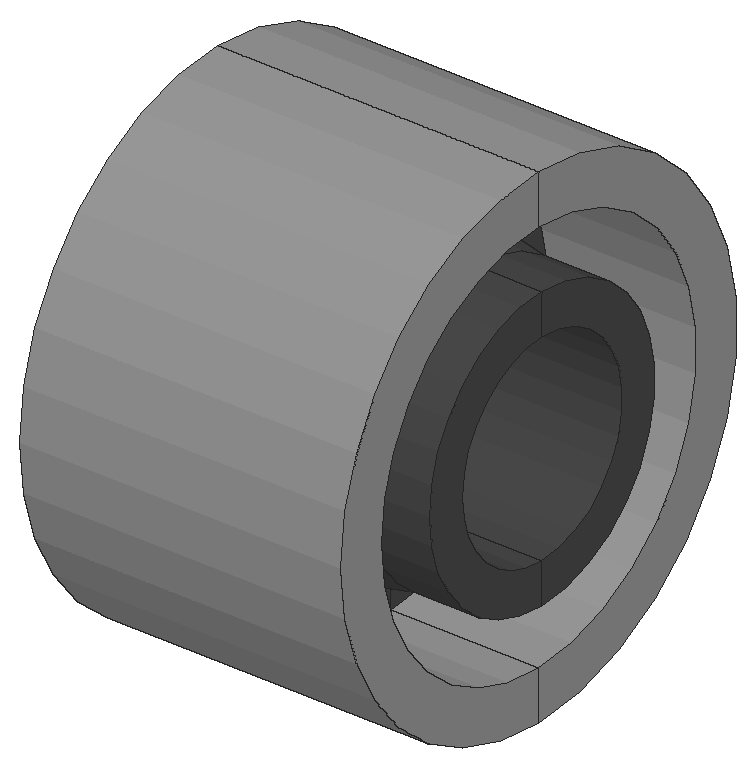
Revit family "6276_Klemmset G3_4 (weichdichtend)", category Rohrformteile, Revit 2021
Family settings
  Bemaßung runder Anschluss = Durchmesser verwenden
  Teiletyp = Verbindung
  OmniClass-Nummer = 23.65.55.14
  OmniClass-Titel = Valves for Liquid Services
  Arbeitsebenenbasiert = Nein
  Immer vertikal = Ja
  Beim Laden mit Abzugskörper schneiden = Nein
  Gemeinsam genutzt = Nein
Parameters (values of type "G3/4 x 12mm")
  Vorgabe-Ansicht = 0.00 mm
  URL = "www.herz-armaturen.at"
  SCRNSEQ = "AWI;AWI_TYP=\"1001\";2"
  SCRNCODE = "07;01;02"  # constant formula
  S03 = 5.00 mm  # constant formula
  S02 = 5.00 mm  # constant formula
  S01 [instance] = DL05 + DL03  # 19.70 mm
  Nennweite_klein [instance] = if([3_4x12mm], 12.00 mm, if([3_4x14mm], 14.00 mm, if([3_4x15mm], 15.00 mm, if([3_4x16mm], 16.00 mm, if([3_4x18mm], 18.00 mm, 0.00 mm)))))  # 12.00 mm
  Nennweite = 20.00 mm  # constant formula
  Mutter = "CW614N, G 3/4 ISO 228-1, vernickelt"  # constant formula
  Medium = "Heizungswasser nach ÖNORM H5195 oder VDI- Richtlinie 2035.\r\nDie Verwendung von Ethylen- oder Propyleneglykol in einem Mischungsverhältnis 25-50% ist zulässig."
  Max. Betriebstemperatur = 110 °C  # constant formula
  Max. Betriebsdruck = "gemäß EN 1254-2: 1988, Tabelle 5\r"  # constant formula
  ML02 = 2.30 mm  # constant formula
  ML01 = 10.00 mm  # constant formula
  ML00 = 19.50 mm  # constant formula
  MD03 [instance] = MD01 - 0.80 mm  # 11.20 mm
  MD02 [instance] = if(Nennweite_klein = 12.00 mm, 8.50 mm, if(Nennweite_klein = 14.00 mm, 9.00 mm, if(Nennweite_klein = 15.00 mm, 9.50 mm, if(Nennweite_klein = 16.00 mm, 9.50 mm, if(Nennweite_klein = 18.00 mm, 12.00 mm, 0.00 mm)))))  # 8.50 mm
  MD01 [instance] = 12.00 mm  # constant formula
  MD00 = 15.00 mm  # constant formula
  Klemmring = "EPDM"  # constant formula
  KL03 = ML02  # 2.30 mm
  KL02 = 1.00 mm  # constant formula
  KL01 [instance] = if(Nennweite_klein = 12.00 mm, 4.00 mm, if(Nennweite_klein = 14.00 mm, 4.00 mm, if(Nennweite_klein = 15.00 mm, 4.00 mm, if(Nennweite_klein = 16.00 mm, 4.00 mm, if(Nennweite_klein = 18.00 mm, 3.50 mm, 0.00 mm)))))  # 4.00 mm
  KL00 = 5.50 mm  # constant formula
  KH00 [instance] = if(Nennweite_klein = 12.00 mm, 5.00 mm, if(Nennweite_klein = 14.00 mm, 4.20 mm, if(Nennweite_klein = 15.00 mm, 3.70 mm, if(Nennweite_klein = 16.00 mm, 3.20 mm, if(Nennweite_klein = 18.00 mm, 2.65 mm, 0.00 mm)))))  # 5.00 mm
  KD02 [instance] = if(Nennweite_klein = 12.00 mm, 1.45 mm, if(Nennweite_klein = 14.00 mm, 1.20 mm, if(Nennweite_klein = 15.00 mm, 1.23 mm, if(Nennweite_klein = 16.00 mm, 1.20 mm, if(Nennweite_klein = 18.00 mm, 1.68 mm, 0.00 mm)))))  # 1.45 mm
  KD01 [instance] = if(Nennweite_klein = 12.00 mm, 2.75 mm, if(Nennweite_klein = 14.00 mm, 2.20 mm, if(Nennweite_klein = 15.00 mm, 1.75 mm, if(Nennweite_klein = 16.00 mm, 1.48 mm, if(Nennweite_klein = 18.00 mm, 0.80 mm, 0.00 mm)))))  # 2.75 mm
  KD00 [instance] = MD03  # 11.20 mm
  Hersteller = "HERZ Armaturen Ges.m.b.H."  # constant formula
  Gummidichtung = "EPDM"  # constant formula
  DL05 [instance] = ML00 - ML01  # 9.50 mm
  DL04 [instance] = 13.70 mm  # constant formula
  DL03 [instance] = 10.20 mm  # constant formula
  DL02 [instance] = 9.20 mm  # constant formula
  DL01 [instance] = 4.00 mm  # constant formula
  DL00 [instance] = 18.00 mm  # constant formula
  DD05 [instance] = 6.10 mm  # constant formula
  DD04 = 1.00 mm  # constant formula
  DD03 [instance] = MD03  # 11.20 mm
  DD02 = 2.45 mm  # constant formula
  DD01 = 3.45 mm  # constant formula
  DD00 [instance] = MD01  # 12.00 mm
  Bestellnummer [instance] = if(Nennweite_klein = 12.00 mm, 1627612, if(Nennweite_klein = 14.00 mm, 1627614, if(Nennweite_klein = 15.00 mm, 1627615, if(Nennweite_klein = 16.00 mm, 1627616, if(Nennweite_klein = 18.00 mm, 1627618, 0)))))  # 1627612
  Ausführung = "6276 G3/4 - 12mm - 18mm:\r\nKlemmring, massive Gummidichtung (EPDM) zum Rohr, Klemmringmutter G 3/4 vernickelt.\r\nNur Einsetzbar für Kupferrohre.\r\nNicht geeignet für verchromte Metallrohre, Weichstahlrohr oder Edelstahlrohre."
  Anwendungsgebiet = "Der Klemmring stellt eine absolut sichere Verbindung zwischen dem Ventilgehäuse und dem Rohr dar.\r\nDiese Verbindung eignet sich besonders für Kupferrohre und dünnwandige Stahlrohre und kann bei Bedarf jederzeit gelöst werden.\r\nEine einwandfreie Dichtheit auf Dauer ist dann gegeben, wenn die Montage gemäß der Verarbeitungsanleitung durchgeführt wurde.\r\r\n\r\nNach Anzug der Klemmschraube verkeilt sich der Klemmring zwischen Rohrwand und Innenkonus von Gehäuse und Klemmschraube.\r\nDabei wird das Rohr in seiner Lage durch Kraftschluss fixiert und gegen Axialverschiebung gesichert.\r\nDie dabei entstehende Pressung sorgt für sichere Dichtheit.\r\nDie innen im Klemmring befindlichen Rillen stellen eine Labyrinthdichtung dar und helfen Unebenheiten des Rohres zu überbrücken.\r\n\r\nDie Klemmverschraubung kann mehrmals gelöst werden und stellt eine einfache und sichere Verbindung dar.\r\nFür die Güte der Verbindung ist es wichtig, dass das Rohr gegen den Anschlag im Innenkonus stößt, also ausreichend tief eingeschoben ist.\r\n\r\nDie asymetrischen Klemmringe (6274, 6284, 6294) mit integrierten Reduzierhüllen ermöglichen den Rohranschluss von Rohren mit Durchmesser 8 - 16mm an einen Ventilkörper.\r\nDiese Ausführung stellt ein Optimum an Kombinationsmöglichkeiten sicher."
  3_4x18mm = no
  3_4x16mm = no
  3_4x15mm = no
  3_4x14mm = no
  3_4x12mm = yes
Types (6, lengths in mm): name | Nennweite_klein | MD02 | KL01 | KH00 | KD02 | KD01 | Bestellnummer | 3_4x18mm | 3_4x16mm | 3_4x15mm | 3_4x14mm | 3_4x12mm
  (no name) | 12.00 | 8.50 | 4.00 | 5.00 | 1.45 | 2.75 | 1627612 | no | no | no | no | yes
  G3/4 x 12mm | 12.00 | 8.50 | 4.00 | 5.00 | 1.45 | 2.75 | 1627612 | no | no | no | no | yes
  G3/4 x 14mm | 14.00 | 9.00 | 4.00 | 4.20 | 1.20 | 2.20 | 1627614 | no | no | no | yes | no
  G3/4 x 15mm | 15.00 | 9.50 | 4.00 | 3.70 | 1.23 | 1.75 | 1627615 | no | no | yes | no | no
  G3/4 x 16mm | 16.00 | 9.50 | 4.00 | 3.20 | 1.20 | 1.48 | 1627616 | no | yes | no | no | no
  G3/4 x 18mm | 18.00 | 12.00 | 3.50 | 2.65 | 1.68 | 0.80 | 1627618 | yes | no | no | no | no
Reference planes
  plane 1 "Mitte (Vorne/hinten)": y = 0
  plane 2: z = 0
  plane 3 "Mitte (Links/rechts)": x = 0
Forms (mm)
  Revolve 1, solid, material "Messing, weicher Gelbton, geschweißt", detail levels fine
    sketch origin (0, 0, 0) x (1, 0, 0) y (0, 0, 1)
      loop
        line (0, 8.5) -> (2.3, 8.5) -> (2.3, 11.2) -> (9.5, 11.2) -> (9.5, 12) -> (19.5, 12) -> (19.5, 15) -> (0, 15) -> (0, 8.5)
      axis (0, 0) -> (19.5, 0)
    angle from 0 to 360
  Revolve 2, solid, material "Messing, weicher Gelbton, geschweißt", detail levels fine
    sketch origin (-45.38, 0, 0) x (1, 0, 0) y (0, 0, 1)
      loop
        line (48.68, 6.2) -> (48.68, 11.2) -> (47.68, 11.2) -> (47.68, 8.45) -> (44.68, 7.65) -> (43.18, 7.65) -> (43.18, 6.2) -> (48.68, 6.2)
      axis (43.18, 0) -> (48.68, 0)
    angle from 0 to 360
  Revolve 3, solid, material "Kunststoff, undurchsichtig Schwarz", detail levels fine
    sketch origin (-50.5, 0, 0) x (1, 0, 0) y (0, 0, 1)
      loop
        line (52.2, 6.1) -> (70.2, 6.1) -> (70.2, 8.55) -> (66.2, 8.55) -> (61, 9.55) -> (61, 12) -> (60, 12) -> (60, 11.2) -> (56.5, 11.2) -> (52.2, 10.2) -> (52.2, 6.1)
      axis (52.2, 0) -> (70.2, 0)
    angle from 0 to 360
Lines and regions (mm)
  model lines, detail levels coarse+medium
    curve 1: line (0, 0, 0) -> (19.7, 0, 0)
    curve 2: line (14.7, 0, 15) -> (14.7, 0, -15)
    curve 3: line (14.7, 0, -15) -> (9.7, 0, -15)
    curve 4: line (9.7, 0, -15) -> (14.7, 0, 0)
    curve 5: line (14.7, 0, 15) -> (9.7, 0, 15)
    curve 6: line (9.7, 0, 15) -> (14.7, 0, 0)
    curve 7: line (14.7, 15, 0) -> (14.7, -15, 0)
    curve 8: line (14.7, -15, 0) -> (9.7, -15, 0)
    curve 9: line (9.7, -15, 0) -> (14.7, 0, 0)
    curve 10: line (14.7, 15, 0) -> (9.7, 15, 0)
    curve 11: line (9.7, 15, 0) -> (14.7, 0, 0)
Dimensions and locks
  "MD00": Revolve 1 sketch curve to plane 2
  "ML00": Revolve 1 sketch curve to plane 3 "Mitte (Links/rechts)"
  "ML01": Revolve 1 sketch curve to Revolve 1 sketch curve
  "ML02": Revolve 1 sketch curve to plane 3 "Mitte (Links/rechts)"
  "MD02": Revolve 1 sketch curve to plane 2
  "MD01": Revolve 1 sketch curve to plane 2
  "MD03": Revolve 1 sketch curve to plane 2
  "KD00": Revolve 2 sketch curve to plane 2
  "KH00": Revolve 2 sketch curve to Revolve 2 sketch curve
  "KL00": Revolve 2 sketch curve to Revolve 2 sketch curve
  "KL02": Revolve 2 sketch curve to Revolve 2 sketch curve
  "KL01": Revolve 2 sketch curve to Revolve 2 sketch curve
  "KD01": Revolve 2 sketch curve to Revolve 2 sketch curve
  "KD02": Revolve 2 sketch curve to Revolve 2 sketch curve
  "KL03": Revolve 2 sketch curve to plane 3 "Mitte (Links/rechts)"
  "DL00": Revolve 3 sketch curve to Revolve 3 sketch curve
  "DL01": Revolve 3 sketch curve to Revolve 3 sketch curve
  "DL02": Revolve 3 sketch curve to Revolve 3 sketch curve
  "DL03": Revolve 3 sketch curve to Revolve 3 sketch curve
  "DL04": Revolve 3 sketch curve to Revolve 3 sketch curve
  "DD00": Revolve 3 sketch curve to plane 2
  "DD01": Revolve 3 sketch curve to Revolve 3 sketch curve
  "DD02": Revolve 3 sketch curve to Revolve 3 sketch curve
  "DD03": Revolve 3 sketch curve to plane 2
  "DD04": Revolve 3 sketch curve to Revolve 3 sketch curve
  "DD05": Revolve 3 sketch curve to plane 2
  "DL05": Revolve 3 sketch curve to plane 3 "Mitte (Links/rechts)"
  "S01": curve 1 to curve 1
  "S02": curve 2 to curve 1
  "S03": curve 4 to curve 2
  "MD00": curve 5 to plane 2 to curve 3
  "S02": curve 7 to Revolve 3
  "S03": curve 11 to curve 7
  "MD00": curve 10 to plane 1 "Mitte (Vorne/hinten)" to curve 8
  aligned and locked: level to plane 2
Automatic sketch dimensions
  curve 1 to level = 0.00 mm
  curve 1 to plane 3 "Mitte (Links/rechts)" = 0.00 mm
  curve 4 to level = 0.00 mm
  curve 6 to curve 2 = 5.00 mm
  plane 1 "Mitte (Vorne/hinten)" to curve 9 = 0.00 mm
  plane 1 "Mitte (Vorne/hinten)" to curve 11 = 0.00 mm
  curve 9 to curve 7 = 5.00 mm
  Revolve 1 sketch curve to level = 0.00 mm
  Revolve 1 sketch curve to plane 3 "Mitte (Links/rechts)" = 0.00 mm
  Revolve 1 sketch curve to plane 3 "Mitte (Links/rechts)" = 1506.53 mm
  Revolve 1 sketch curve to Revolve 1 sketch curve = 1819.648 mm
  Revolve 2 sketch curve to level = 0.00 mm
  Revolve 2 sketch curve to Revolve 2 sketch curve = 1549.71 mm
  Revolve 2 sketch curve to Revolve 2 sketch curve = 1790.467 mm
  Revolve 3 sketch curve to level = 0.00 mm
  Revolve 3 sketch curve to plane 3 "Mitte (Links/rechts)" = 1557.03 mm
  Revolve 3 sketch curve to Revolve 3 sketch curve = 1768.948 mm
Connectors
  piping at (9.5, 0, 0), diameter 20, driven by "Nennweite"
    settings: on Revolve 1, index 1, connector inside diameter 609.6 mm, connector length 0.00 mm, flow factor 0, pipe flow 0.0 L/s, pressure drop 0.0 Pa, fitting loss kfactor 0, connector angle 0.00°, fixture units 0, engagement length 0.00 mm, angle of deflection 0.00°, flow configuration 0, flow direction 0, fitting loss method 0, system type 29, joint type 0, gender type 0, connector reference index -1, connector utility 0, adjustable connector no, is connector primary yes, connector description ""
  piping at (2.3, 0, 0), diameter 12, driven by "Nennweite_klein"
    settings: on Revolve 2, index 2, connector inside diameter 609.6 mm, connector length 0.00 mm, flow factor 0, pipe flow 0.0 L/s, pressure drop 0.0 Pa, fitting loss kfactor 0, connector angle 0.00°, fixture units 0, engagement length 0.00 mm, angle of deflection 0.00°, flow configuration 0, flow direction 0, fitting loss method 0, system type 29, joint type 0, gender type 0, connector reference index -1, connector utility 0, adjustable connector no, is connector primary no, connector description ""
